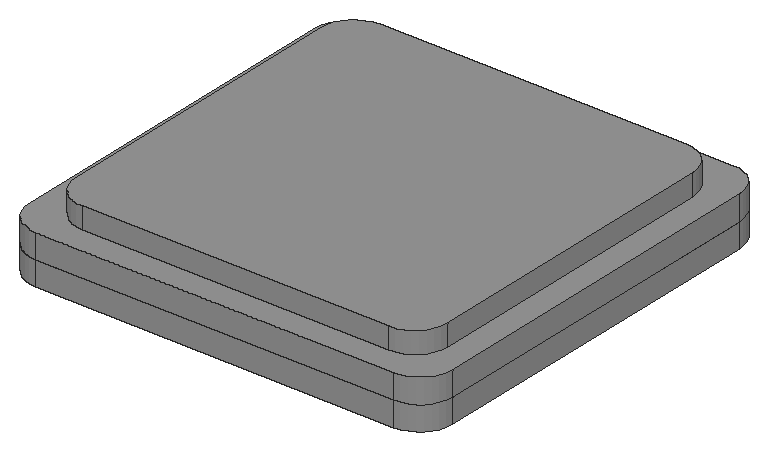
Revit family "FMS2_63_UN_Surface-mounted_ETK", category Lighting Fixtures, Revit 2019 (continued)
Definition of nested family "FMS.2 - Lightsource"
  Types (14, lengths in mm): name | Wattage Comments | Wattage | built-in parameter 1150134 | Photometric Web File | built-in parameter 1150142 | built-in parameter 1150105 | Lumens | built-in parameter 1150107 | built-in parameter 1150106 | Apparent Load
      29.7726\t125.602\t121.459\r\n117.3712\t113.3249\t109.3062\t105.3151\t101.3102\t97.3329\t93.397\t89.5026\t85.7049\t81.9624\r\n78.2613\t74.574\t70.9143\t67.2823\t63.6779\t60.1011\t56.552\t53.0304\t49.5365\t46.0702\r\n38.4056\t26.0319\t13.6332\t1.214\t0\t0\t0\t0\t0\t0\r\n0\r\n502.9602\t502.684\t502.2697\t502.1316\t501.9935\t501.7173\t501.5792\t501.4411\t501.0268\t500.7506\r\n500.3363\t500.0601\t499.5077\t499.0934\t498.541\t497.9886\t497.4362\t496.8838\t496.1933\t495.5028\r\n494.6742\t493.8456\t493.017\t492.1884\t491.3598\t490.3931\t489.4264\t488.3216\t487.2168\t486.112\r\n485.0072\t483.9024\t482.6595\t481.2785\t480.0356\t478.6546\t477.2736\t475.7545\t474.3735\t472.8544\r\n471.4734\t469.8162\t468.2971\t466.5018\t464.8446\t463.1874\t461.5302\t459.7349\t457.9396\t456.0062\r\n454.2109\t452.2775\t450.3441\t448.2726\t446.3392\t444.2677\t442.1962\t440.1247\t438.0532\t435.9817\r\n433.9102\t431.7006\t429.3529\t427.1433\t425.0718\t422.586\t419.6859\t416.6477\t413.6095\t410.5713\r\n407.5331\t404.4949\t401.3186\t398.2804\t395.1041\t392.0659\t388.8896\t385.7133\t382.537\t379.2226\r\n376.0463\t372.87\t369.5556\t366.3793\t363.0649\t359.7505\t356.5742\t353.2598\t350.0835\t346.7691\r\n343.3166\t340.0022\t336.8259\t333.3734\t330.059\t326.7446\t323.4302\t319.9777\t316.6633\t313.2108\r\n309.8964\t306.582\t303.1295\t299.8151\t296.5007\t293.1863\t289.7338\t286.2813\t282.6907\t278.8239\r\n274.819\t270.9522\t266.9473\t263.0805\t259.0756\t254.9326\t251.0658\t247.199\t243.3322\t239.3273\r\n235.4605\t231.5937\t227.5888\t223.722\t219.8552\t215.9884\t212.1216\t208.2548\t204.5261\t200.7974\r\n196.9306\t193.2019\t189.3351\t185.6064\t181.8777\t177.5966\t173.3155\t169.0344\t164.8914\t160.6103\r\n156.3292\t152.1862\t148.0432\t143.9002\t139.7572\t135.7247\t131.6645\t127.5906\t123.5581\t119.5532\r\n115.5621\t111.6124\t107.6766\t103.7822\t99.9015\t96.0762\t92.2646\t88.4807\t84.7105\t80.9818\r\n77.2808\t73.5935\t69.9476\t66.3156\t62.6974\t59.1206\t55.5438\t51.9947\t40.9052\t29.1529\r\n17.4006\t5.6179\t0\t0\t0\t0\t0\t0\t0\t0\r\n0\r\n502.9602\t502.5459\t502.1316\t501.9935\t501.7173\t501.5792\t501.303\t501.0268\t500.7506\t500.3363\r\n499.922\t499.5077\t499.0934\t498.541\t498.1267\t497.5743\t496.8838\t496.3314\t495.6409\t494.9504\r\n494.2599\t493.4313\t492.6027\t491.7741\t490.8074\t489.9788\t489.0121\t488.0454\t487.0787\t485.8358\r\n484.731\t483.6262\t482.5214\t481.2785\t480.0356\t478.7927\t477.4117\t476.0307\t474.6497\t473.2687\r\n471.7496\t470.3686\t468.8495\t467.3304\t465.8113\t464.1541\t462.4969\t460.8397\t459.1825\t457.5253\r\n455.73\t453.9347\t452.1394\t450.3441\t448.4107\t446.4773\t444.5439\t442.0581\t439.2961\t436.5341\r\n433.7721\t431.0101\t428.2481\t425.348\t422.4479\t419.5478\t416.7858\t413.8857\t410.9856\t408.0855\r\n405.0473\t402.0091\t398.9709\t396.0708\t393.0326\t389.9944\t386.9562\t383.918\t380.8798\t377.8416\r\n374.8034\t371.6271\t368.4508\t365.4126\t362.2363\t359.06\t355.8837\t352.7074\t349.6692\t346.4929\r\n343.3166\t340.1403\t336.964\t333.7877\t330.6114\t327.5732\t324.3969\t321.2206\t317.9062\t314.1775\r\n310.4488\t306.582\t302.7152\t298.8484\t295.1197\t291.2529\t287.3861\t283.5193\t279.7906\t276.0619\r\n272.1951\t268.4664\t264.5996\t260.8709\t257.0041\t253.2754\t249.4086\t245.818\t242.0893\t238.3606\r\n234.6319\t230.9032\t227.1745\t223.4458\t219.7171\t215.9884\t212.3978\t208.6691\t204.388\t200.1069\r\n195.8258\t191.6828\t187.4017\t183.2587\t179.1157\t174.9727\t170.8297\t166.6867\t162.5437\t158.4007\r\n154.3958\t150.3909\t146.386\t142.243\t138.2381\t134.2332\t130.2421\t126.2925\t122.3842\t118.476\r\n114.5678\t110.6872\t106.8065\t102.9397\t99.1006\t95.289\t91.4912\t87.7211\t83.9648\t80.2223\r\n76.5074\t72.8063\t69.1191\t65.4456\t61.7859\t56.11\t44.7168\t33.3373\t21.9303\t10.5329\r\n0\t0\t0\t0\t0\t0\t0\t0\t0\t0\r\n0\r\n502.9602\t502.5459\t502.1316\t501.7173\t501.5792\t501.303\t501.0268\t500.7506\t500.3363\t500.0601\r\n499.6458\t499.0934\t498.6791\t498.1267\t497.5743\t497.0219\t496.4695\t495.9171\t495.2266\t494.5361\r\n493.8456\t493.017\t492.3265\t491.3598\t490.5312\t489.7026\t488.7359\t487.9073\t486.8025\t485.8358\r\n484.731\t483.6262\t482.5214\t481.4166\t480.3118\t479.0689\t477.826\t476.5831\t475.2021\t473.9592\r\n472.5782\t471.1972\t469.6781\t468.2971\t466.9161\t465.5351\t464.016\t462.4969\t460.8397\t459.1825\r\n457.5253\t455.1776\t452.6918\t450.0679\t447.444\t444.8201\t442.1962\t439.5723\t436.9484\t434.1864\r\n431.4244\t428.6624\t425.9004\t423.1384\t420.5145\t417.7525\t414.8524\t412.0904\t409.1903\t406.4283\r\n403.5282\t400.6281\t397.8661\t394.966\t392.0659\t389.1658\t386.1276\t383.2275\t380.3274\t377.2892\r\n374.3891\t371.489\t368.4508\t365.5507\t362.5125\t359.6124\t356.5742\t353.6741\t350.6359\t347.5977\r\n344.5595\t340.9689\t337.2402\t333.6496\t329.9209\t326.1922\t322.6016\t318.8729\t315.1442\t311.5536\r\n307.8249\t304.0962\t300.5056\t296.7769\t293.0482\t289.3195\t285.7289\t282.0002\t278.4096\t274.6809\r\n271.0903\t267.3616\t263.771\t260.0423\t256.4517\t252.8611\t249.2705\t245.6799\t242.0893\t238.4987\r\n234.9081\t230.9032\t226.7602\t222.4791\t218.3361\t214.1931\t210.0501\t205.9071\t201.7641\t197.7592\r\n193.6162\t189.4732\t185.4683\t181.4634\t177.3204\t173.3155\t169.3106\t165.1676\t161.1627\t157.1578\r\n153.291\t149.2861\t145.4193\t141.4144\t137.4785\t133.4875\t129.524\t125.5743\t121.6523\t117.7302\r\n113.8358\t109.9552\t106.0884\t102.2354\t98.4101\t94.5847\t90.7869\t87.003\t83.2329\t79.4766\r\n75.734\t72.0053\t68.2766\t61.0126\t49.8265\t38.6266\t27.4405\t16.2406\t5.0407\t0\r\n0\t0\t0\t0\t0\t0\t0\t0\t0\t0\r\n0\r\n502.9602\t502.5459\t501.9935\t501.5792\t501.303\t501.0268\t500.7506\t500.4744\t500.0601\t499.6458\r\n499.2315\t498.8172\t498.2648\t497.8505\t497.16\t496.6076\t496.0552\t495.5028\t494.8123\t494.1218\r\n493.5694\t492.8789\t492.0503\t491.2217\t490.3931\t489.5645\t488.5978\t487.7692\t486.8025\t485.8358\r\n484.8691\t483.9024\t482.7976\t481.6928\t480.588\t479.4832\t478.3784\t477.2736\t476.0307\t474.9259\r\n473.683\t472.302\t470.921\t469.6781\t468.2971\t466.9161\t464.8446\t462.4969\t460.1492\t457.6634\r\n455.3157\t452.8299\t450.3441\t447.7202\t445.2344\t442.7486\t440.2628\t437.6389\t435.015\t432.5292\r\n429.9053\t427.2814\t424.5194\t421.7574\t419.1335\t416.3715\t413.7476\t410.9856\t408.3617\t405.5997\r\n402.8377\t400.0757\t397.3137\t394.5517\t391.7897\t389.0277\t386.2657\t383.5037\t380.6036\t377.8416\r\n374.9415\t372.1795\t369.2794\t366.5174\t363.6173\t360.0267\t356.4361\t352.8455\t349.2549\t345.6643\r\n342.0737\t338.4831\t334.8925\t331.3019\t327.7113\t324.1207\t320.5301\t316.9395\t313.3489\t309.7583\r\n306.1677\t302.5771\t299.1246\t295.534\t291.9434\t288.3528\t284.9003\t281.3097\t277.8572\t274.2666\r\n270.8141\t267.3616\t263.771\t260.3185\t256.7279\t252.9992\t248.8562\t244.8513\t240.7083\t236.7034\r\n232.5604\t228.5555\t224.4125\t220.4076\t216.2646\t212.2597\t208.2548\t204.2499\t200.245\t196.2401\r\n192.2352\t188.2303\t184.2254\t180.2205\t176.3537\t172.3488\t168.3439\t164.4771\t160.6103\t156.6054\r\n152.7386\t148.7337\t144.7288\t140.7239\t136.6914\t132.7279\t128.7921\t124.87\t120.9618\t117.0674\r\n113.1868\t109.3062\t105.4532\t101.6002\t97.761\t93.9356\t90.1241\t86.3263\t82.5286\t78.7446\r\n74.9607\t67.2133\t56.1238\t45.0482\t33.9726\t22.897\t11.8214\t0.7455\t0\t0\r\n0\t0\t0\t0\t0\t0\t0\t0\t0\t0\r\n0\r\n502.9602\t502.4078\t501.9935\t501.4411\t501.1649\t500.8887\t500.4744\t500.0601\t499.7839\t499.3696\r\n498.8172\t498.4029\t497.8505\t497.4362\t496.8838\t496.3314\t495.6409\t495.0885\t494.398\t493.8456\r\n493.1551\t492.4646\t491.7741\t491.0836\t490.255\t489.4264\t488.5978\t487.7692\t486.9406\t485.9739\r\n485.0072\t484.0405\t483.0738\t482.1071\t481.1404\t480.1737\t479.0689\t477.9641\t476.8593\t475.7545\r\n474.7878\t473.5449\t471.8877\t469.6781\t467.3304\t464.9827\t462.635\t460.2873\t457.9396\t455.5919\r\n453.2442\t450.8965\t448.5488\t446.063\t443.7153\t441.2295\t438.7437\t436.1198\t433.634\t431.1482\r\n428.6624\t426.1766\t423.5527\t421.0669\t418.443\t415.9572\t413.3333\t410.7094\t408.0855\t405.3235\r\n402.6996\t400.0757\t397.4518\t394.8279\t392.204\t389.442\t386.8181\t384.1942\t381.4322\t378.394\r\n374.9415\t371.489\t368.0365\t364.584\t361.1315\t357.5409\t354.0884\t350.6359\t347.0453\t343.5928\r\n340.1403\t336.6878\t333.2353\t329.6447\t326.1922\t322.7397\t319.2872\t315.8347\t312.3822\t308.7916\r\n305.3391\t301.8866\t298.4341\t294.9816\t291.5291\t288.0766\t284.6241\t281.1716\t277.7191\t274.4047\r\n270.676\t266.6711\t262.6662\t258.6613\t254.6564\t250.6515\t246.6466\t242.6417\t238.6368\t234.6319\r\n230.7651\t226.7602\t222.7553\t218.8885\t214.8836\t211.0168\t207.0119\t203.007\t199.1402\t195.1353\r\n191.2685\t187.4017\t183.5349\t179.53\t175.6632\t171.7964\t167.7915\t163.7866\t159.9198\t155.9149\r\n151.91\t147.9051\t144.0383\t140.0334\t136.0699\t132.1341\t128.1982\t124.2762\t120.368\t116.4735\r\n112.5791\t108.6985\t104.8317\t100.9649\t97.1119\t93.2727\t89.4336\t85.6082\t81.7966\t74.6845\r\n63.6779\t52.6713\t41.6648\t30.6582\t19.6516\t8.6492\t0\t0\t0\t0\r\n0\t0\t0\t0\t0\t0\t0\t0\t0\t0\r\n0\r\n502.9602\t502.4078\t501.8554\t501.4411\t501.0268\t500.6125\t500.1982\t499.7839\t499.3696\t498.9553\r\n498.541\t498.1267\t497.5743\t497.0219\t496.4695\t495.9171\t495.3647\t494.8123\t494.1218\t493.5694\r\n492.8789\t492.1884\t491.4979\t490.8074\t490.1169\t489.4264\t488.5978\t487.9073\t487.0787\t486.2501\r\n485.2834\t484.4548\t483.6262\t482.6595\t481.6928\t480.7261\t479.7594\t478.7927\t477.826\t476.3069\r\n474.0973\t472.0258\t469.8162\t467.6066\t465.397\t463.1874\t460.8397\t458.6301\t456.4205\t454.0728\r\n451.7251\t449.3774\t447.0297\t444.682\t442.3343\t439.9866\t437.6389\t435.1531\t432.8054\t430.3196\r\n427.9719\t425.4861\t423.0003\t420.5145\t418.0287\t415.5429\t413.0571\t410.5713\t408.0855\t405.5997\r\n403.1139\t400.6281\t398.1423\t395.5184\t393.0326\t389.5801\t386.2657\t382.8132\t379.4988\t376.0463\r\n372.7319\t369.2794\t365.965\t362.5125\t359.1981\t355.7456\t352.4312\t348.9787\t345.6643\t342.2118\r\n338.8974\t335.4449\t331.9924\t328.678\t325.2255\t321.9111\t318.4586\t315.1442\t311.8298\t308.3773\r\n305.0629\t301.6104\t298.296\t294.9816\t291.5291\t288.2147\t284.3479\t280.4811\t276.4762\t272.4713\r\n268.6045\t264.7377\t260.7328\t256.7279\t252.8611\t248.8562\t244.9894\t241.1226\t237.2558\t233.2509\r\n229.3841\t225.5173\t221.6505\t217.7837\t213.9169\t210.0501\t206.1833\t202.3165\t198.4497\t194.5829\r\n190.7161\t186.9874\t183.1206\t179.1157\t175.1108\t171.1059\t167.2391\t163.2342\t159.2293\t155.2244\r\n151.3576\t147.3527\t143.3478\t139.481\t135.4899\t131.5541\t127.632\t123.71\t119.8017\t115.9073\r\n112.0129\t108.1185\t104.2379\t100.3711\t96.5043\t92.6375\t88.7845\t83.5091\t72.5439\t61.565\r\n50.5998\t39.6347\t28.6696\t17.7044\t6.7407\t0\t0\t0\t0\t0\r\n0\t0\t0\t0\t0\t0\t0\t0\t0\t0\r\n0\r\n502.9602\t502.4078\t501.8554\t501.303\t500.8887\t500.3363\t499.922\t499.5077\t499.0934\t498.6791\r\n498.2648\t497.7124\t497.16\t496.7457\t496.1933\t495.6409\t495.0885\t494.5361\t493.8456\t493.2932\r\n492.6027\t492.0503\t491.3598\t490.6693\t489.9788\t489.2883\t488.5978\t487.9073\t487.2168\t486.3882\r\n485.6977\t484.8691\t484.0405\t483.2119\t482.3833\t481.5547\t480.588\t478.6546\t476.5831\t474.5116\r\n472.302\t470.2305\t468.0209\t465.9494\t463.7398\t461.5302\t459.3206\t457.111\t454.9014\t452.6918\r\n450.4822\t448.1345\t445.9249\t443.5772\t441.3676\t439.0199\t436.6722\t434.3245\t432.1149\t429.7672\r\n427.4195\t425.0718\t422.7241\t420.3764\t418.0287\t415.681\t413.3333\t410.8475\t408.4998\t406.014\r\n403.6663\t400.6281\t397.3137\t394.1374\t390.823\t387.5086\t384.1942\t380.8798\t377.5654\t374.251\r\n370.9366\t367.7603\t364.4459\t361.1315\t357.8171\t354.5027\t351.1883\t347.7358\t344.4214\t341.107\r\n337.7926\t334.6163\t331.3019\t327.9875\t324.6731\t321.3587\t318.0443\t314.7299\t311.5536\t308.2392\r\n304.9248\t301.6104\t298.0198\t294.153\t290.2862\t286.2813\t282.4145\t278.5477\t274.6809\t270.676\r\n266.8092\t262.9424\t259.0756\t255.3469\t251.4801\t247.6133\t243.7465\t239.8797\t236.0129\t232.1461\r\n228.4174\t224.5506\t220.6838\t216.9551\t213.0883\t209.3596\t205.4928\t201.7641\t197.8973\t194.1686\r\n190.3018\t186.2969\t182.292\t178.4252\t174.4203\t170.5535\t166.5486\t162.6818\t158.6769\t154.8101\r\n150.9433\t146.9384\t143.0716\t139.2048\t135.2828\t131.4022\t127.5215\t123.6409\t119.7603\t115.8935\r\n112.0267\t108.1599\t104.2931\t100.4401\t96.5871\t92.7065\t83.3848\t72.3368\t61.2888\t50.2546\r\n39.2342\t28.2138\t17.1934\t6.1883\t0\t0\t0\t0\t0\t0\r\n0\t0\t0\t0\t0\t0\t0\t0\t0\t0\r\n0\r\n502.9602\t502.4078\t501.8554\t501.303\t500.6125\t500.1982\t499.7839\t499.2315\t498.8172\t498.4029\r\n497.8505\t497.4362\t496.8838\t496.3314\t495.779\t495.3647\t494.8123\t494.1218\t493.5694\t493.017\r\n492.4646\t491.7741\t491.0836\t490.5312\t489.8407\t489.1502\t488.5978\t487.9073\t487.2168\t486.5263\r\n485.8358\t485.1453\t484.4548\t483.6262\t482.9357\t481.2785\t479.3451\t477.2736\t475.064\t472.9925\r\n470.921\t468.7114\t466.6399\t464.4303\t462.3588\t460.1492\t458.0777\t455.8681\t453.6585\t451.587\r\n449.3774\t447.1678\t444.9582\t442.7486\t440.539\t438.3294\t436.1198\t433.7721\t431.5625\t429.3529\r\n427.0052\t424.7956\t422.4479\t420.2383\t417.8906\t415.681\t413.3333\t411.1237\t408.2236\t405.0473\r\n401.871\t398.5566\t395.3803\t392.204\t388.8896\t385.7133\t382.537\t379.3607\t376.0463\t372.7319\r\n369.5556\t366.2412\t363.0649\t359.7505\t356.5742\t353.3979\t350.0835\t346.9072\t343.5928\t340.4165\r\n337.1021\t333.9258\t330.7495\t327.4351\t324.2588\t321.0825\t317.7681\t314.5918\t311.4155\t307.6868\r\n303.82\t299.9532\t296.0864\t292.3577\t288.4909\t284.6241\t280.7573\t277.0286\t273.1618\t269.295\r\n265.5663\t261.6995\t257.9708\t254.104\t250.3753\t246.5085\t242.7798\t238.913\t235.1843\t231.3175\r\n227.5888\t223.8601\t219.9933\t216.2646\t212.5359\t208.6691\t204.9404\t201.2117\t197.2068\t193.34\r\n189.3351\t185.4683\t181.6015\t177.5966\t173.7298\t169.7249\t165.8581\t161.9913\t158.1245\t154.1196\r\n150.2528\t146.386\t142.5192\t138.6524\t134.7304\t130.8498\t126.983\t123.1023\t119.2355\t115.3687\r\n111.5157\t107.6489\t103.796\t99.943\t95.1647\t84.1305\t73.1101\t62.0898\t51.0694\t40.049\r\n29.0424\t18.0221\t7.0031\t0\t0\t0\t0\t0\t0\t0\r\n0\t0\t0\t0\t0\t0\t0\t0\t0\t0\r\n0\r\n502.9602\t502.4078\t501.7173\t501.1649\t500.6125\t500.0601\t499.5077\t499.0934\t498.541\t498.1267\r\n497.5743\t497.0219\t496.6076\t496.0552\t495.5028\t494.9504\t494.398\t493.8456\t493.2932\t492.7408\r\n492.1884\t491.4979\t490.9455\t490.3931\t489.7026\t489.0121\t488.4597\t487.7692\t487.2168\t486.5263\r\n485.8358\t485.1453\t484.4548\t483.7643\t481.8309\t479.7594\t477.6879\t475.7545\t473.683\t471.6115\r\n469.54\t467.4685\t465.397\t463.3255\t461.254\t459.1825\t456.9729\t454.9014\t452.6918\t450.6203\r\n448.4107\t446.3392\t444.1296\t442.0581\t439.8485\t437.777\t435.5674\t433.3578\t431.1482\t429.0767\r\n426.8671\t424.6575\t422.4479\t420.2383\t418.0287\t415.8191\t412.6428\t409.4665\t406.2902\t403.252\r\n400.0757\t396.8994\t393.7231\t390.4087\t387.2324\t384.0561\t380.8798\t377.7035\t374.5272\t371.3509\r\n368.3127\t365.1364\t361.9601\t358.7838\t355.4694\t352.2931\t349.1168\t345.9405\t342.7642\t339.5879\r\n336.4116\t333.2353\t330.059\t327.0208\t323.8445\t320.6682\t317.2157\t313.487\t309.6202\t305.8915\r\n302.1628\t298.296\t294.5673\t290.8386\t286.9718\t283.2431\t279.5144\t275.6476\t271.9189\t268.1902\r\n264.4615\t260.5947\t256.866\t253.1373\t249.4086\t245.6799\t241.9512\t238.0844\t234.3557\t230.627\r\n226.8983\t223.1696\t219.4409\t215.7122\t211.9835\t208.1167\t204.2499\t200.3831\t196.3782\t192.5114\r\n188.6446\t184.6397\t180.7729\t176.9061\t173.0393\t169.1725\t165.1676\t161.3008\t157.434\t153.5672\r\n149.7004\t145.8336\t141.9668\t138.0862\t134.2194\t130.3526\t126.4858\t122.6328\t118.766\t114.8992\r\n111.0462\t107.1932\t103.3264\t97.3329\t86.3263\t75.3059\t64.2994\t53.2928\t42.2862\t31.2796\r\n20.2731\t9.2596\t0\t0\t0\t0\t0\t0\t0\t0\r\n0\t0\t0\t0\t0\t0\t0\t0\t0\t0\r\n0\r\n502.9602\t502.4078\t501.7173\t501.1649\t500.4744\t499.922\t499.3696\t498.8172\t498.2648\t497.8505\r\n497.2981\t496.7457\t496.1933\t495.6409\t495.0885\t494.6742\t494.1218\t493.5694\t493.017\t492.4646\r\n491.9122\t491.2217\t490.6693\t490.1169\t489.5645\t488.874\t488.3216\t487.6311\t487.0787\t486.5263\r\n485.8358\t485.1453\t484.3167\t482.3833\t480.3118\t478.3784\t476.3069\t474.3735\t472.302\t470.2305\r\n468.159\t466.2256\t464.1541\t462.0826\t460.0111\t457.9396\t455.8681\t453.7966\t451.7251\t449.6536\r\n447.5821\t445.5106\t443.4391\t441.3676\t439.2961\t437.2246\t435.015\t432.9435\t430.7339\t428.6624\r\n426.4528\t424.2432\t422.1717\t420.1002\t417.062\t414.0238\t410.9856\t407.8093\t404.7711\t401.5948\r\n398.4185\t395.3803\t392.204\t389.0277\t385.9895\t382.8132\t379.6369\t376.5987\t373.4224\t370.2461\r\n367.2079\t364.0316\t360.8553\t357.8171\t354.6408\t351.6026\t348.4263\t345.3881\t342.2118\t339.1736\r\n336.1354\t332.9591\t329.7828\t326.6065\t323.154\t319.2872\t315.5585\t311.8298\t308.1011\t304.3724\r\n300.6437\t296.915\t293.1863\t289.4576\t285.7289\t282.0002\t278.2715\t274.5428\t270.8141\t267.0854\r\n263.3567\t259.628\t255.8993\t252.1706\t248.4419\t244.7132\t240.9845\t237.3939\t233.6652\t229.9365\r\n226.2078\t222.4791\t218.7504\t215.0217\t211.1549\t207.2881\t203.4213\t199.5545\t195.6877\t191.8209\r\n187.9541\t184.0873\t180.2205\t176.3537\t172.4869\t168.6201\t164.7533\t160.8865\t156.8816\t153.0148\r\n149.148\t145.2812\t141.4144\t137.6167\t133.7498\t129.883\t126.0301\t122.1633\t118.3103\t114.4435\r\n110.5905\t106.7375\t100.9925\t89.9998\t78.9932\t68.0004\t57.0077\t46.0149\t35.0084\t24.0156\r\n13.0201\t2.0232\t0\t0\t0\t0\t0\t0\t0\t0\r\n0\t0\t0\t0\t0\t0\t0\t0\t0\t0\r\n0\r\n502.9602\t502.4078\t501.7173\t501.1649\t500.4744\t499.922\t499.2315\t498.6791\t498.1267\t497.5743\r\n497.0219\t496.4695\t495.9171\t495.3647\t494.8123\t494.2599\t493.7075\t493.1551\t492.6027\t492.0503\r\n491.4979\t490.9455\t490.3931\t489.8407\t489.2883\t488.5978\t488.0454\t487.493\t486.9406\t486.2501\r\n485.6977\t485.1453\t483.0738\t481.1404\t479.0689\t477.1355\t475.064\t473.1306\t471.0591\t469.1257\r\n467.0542\t464.9827\t463.0493\t460.9778\t458.9063\t456.9729\t454.9014\t452.8299\t450.8965\t448.825\r\n446.7535\t444.682\t442.6105\t440.539\t438.4675\t436.396\t434.3245\t432.253\t430.1815\t428.11\r\n426.0385\t423.967\t421.6193\t418.5811\t415.5429\t412.3666\t409.3284\t406.2902\t403.1139\t400
